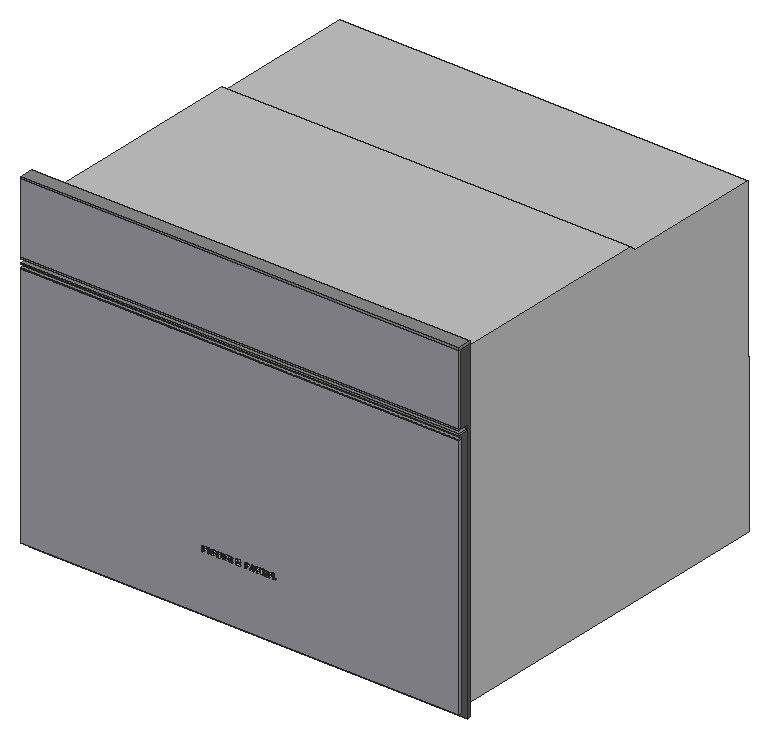
Revit family "FP-Revit20-en-OM60NMTNB1-OM60NMTNG1-Compact-MicrowaveOven-0-90003588A-AU-NZ-SG-IE-UK-CN", category Specialty Equipment, Revit 2020
Family settings
  Round Connector Dimension = Use Diameter
  Part Type = Normal
  OmniClass Number = 23.40.40.14.17.11
  OmniClass Title = Cookers, Ovens, Stoves
  Work Plane-Based = No
  Always vertical = Yes
  Cut with Voids When Loaded = Yes
  Shared = No
  Room Calculation Point = No
Parameters (values of type "OM60NMTNG1 (Grey Glass)")
  Visibility - Clearance Required = yes
  URL = "www.fisherpaykel.com"
  Product - Height = 458 mm  # constant formula
  Product - Width = 596 mm  # constant formula
  Product - Depth = 565 mm  # constant formula
  Door Opening - Height = 347 mm  # constant formula
  Model = "OM60NMTNG1"
  Material - Trim = Fisher & Paykel - Aluminium, Dark
  Material - Structure = Fisher & Paykel - Black
  Material - Glass = Fisher & Paykel - Glass, Grey
  Material - Body = Fisher & Paykel - Grey
  Manufacturer = "Fisher & Paykel Appliances"
  FFL Offset [instance] = 900 mm
  Description = "Combination Microwave Oven, 60cm, 22 Function"
  Default Elevation = 0 mm
  Connector Description - Electrical = "220-250V, 50Hz, 20A"
  Chassis - Width = 556 mm  # constant formula
  Chassis - Height = 435 mm  # constant formula
  Chassis - Depth = 545 mm  # constant formula
  Cavity - Width = 560 mm  # constant formula
  Cavity - Height = 440 mm  # constant formula
  Cavity - Depth = 550 mm  # constant formula
Types (2, lengths in mm): name | Model | Material - Glass | Connector Description - Electrical
  OM60NMTNB1 (Black Glass) | "OM60NMTNB1" | Fisher & Paykel - Glass, Black | "220-250V, 50Hz ,20A"
  OM60NMTNG1 (Grey Glass) | "OM60NMTNG1" | Fisher & Paykel - Glass, Grey | "220-250V, 50Hz, 20A"
Reference planes
  plane 1 "Datum": y = 0
  plane 2: z = -2
  plane 3 "Center (Left/Right)": x = 0
  plane 4 "Product - LHS": x = -298
  plane 5 "Product - RHS": x = 298
  plane 6 "Cavity - RHS": x = 280
  plane 7 "FFL Offset": z = 898
  plane 8 "Chassis - Depth": y = 545
  plane 9 "Front Face": y = -20
  plane 10 "Chassis - Height": z = 1333
  plane 11 "Cavity - Height": z = 1338
  plane 12 "Opening - Height": z = 1245
  plane 13 "Cavity - LHS": x = -280
  plane 14 "Cavity - Depth": y = 550
  plane 15 "Product - Height": z = 1356
  plane 16 "Opening - RHS": x = 300
  plane 17 "Opening - LHS": x = -300
  plane 18 "Chassis - LHS": x = -278
  plane 19 "Chassis RHS": x = 278
Forms (mm)
  Extrusion 1, solid, material "Fisher & Paykel - Grey" <- "Material - Body"
    sketch origin (0, 0, 0) x (0, 1, 0) y (0, 0, 1)
      loop
        line (0, 1333) -> (0, 898) -> (528, 898) -> (528, 948) -> (545, 968) -> (545, 1163) -> (498, 1218) -> (498, 1326) -> (305, 1326) -> (298, 1333) -> (0, 1333)
    from -278 to 278
  Extrusion 2, solid, material "Fisher & Paykel - Black" <- "Material - Structure", detail levels fine
    sketch origin (0, 0, 0) x (0, 1, 0) y (0, 0, 1)
      loop
        line (0, 1352.7) -> (-16, 1352.7) -> (-16, 1256) -> (-4, 1256) -> (-4, 898) -> (0, 898) -> (0, 1352.7)
    from -298 to 298
  Extrusion 3, solid, material "Fisher & Paykel - Glass, Grey" <- "Material - Glass", detail levels fine
    sketch origin (0, 0, -3) x (0, 1, 0) y (0, 0, 1)
      loop
        line (-20, 1246.4) -> (-20, 912.8) -> (-16, 912.8) -> (-16, 1246.4) -> (-20, 1246.4)
      loop
        line (-20, 1260.8) -> (-16, 1260.8) -> (-16, 1355.7) -> (-20, 1355.7) -> (-20, 1260.8)
    from -298 to 298
  Extrusion 4, solid, material "Fisher & Paykel - Clearance Required", visible <- "Visibility - Clearance Required", detail levels coarse
    sketch origin (0, 0, -2) x (1, 0, 0) y (0, 1, 0)
      loop
        line (-280, 0) -> (280, 0) -> (280, 550) -> (-280, 550) -> (-280, 0)
    from 900 to 1340
  Extrusion 5, void
    sketch origin (0, 0, 0) x (0, 1, 0) y (0, 0, 1)
      loop
        line (-20, 898) -> (0, 898) -> (0, 1245) -> (-20, 1245) -> (-20, 898)
    from -300 to 300
  Extrusion 6, solid, material "Fisher & Paykel - Grey" <- "Material - Body"
    sketch origin (0, 2, 0) x (0, 1, 0) y (0, 0, 1)
      loop
        line (496, 1293.999) -> (496, 1237) -> (517.999, 1237) -> (517.999, 1293.999) -> (496, 1293.999)
    from -221 to -127
  Extrusion 7, solid, material "Fisher & Paykel - Aluminium, Dark" <- "Material - Trim", detail levels fine
    sketch origin (0, 0, -1.199) x (0, 1, 0) y (0, 0, 1)
      loop
        line (-16, 1257.199) -> (-16, 1258.999) -> (-20, 1258.999) -> (-20, 1257.199) -> (-16, 1257.199)
      loop
        line (-16, 1244.599) -> (-16, 1246.199) -> (-20, 1246.199) -> (-20, 1244.599) -> (-16, 1244.599)
      loop
        line (-4, 1250.799) -> (-4, 1252.399) -> (-20, 1252.399) -> (-20, 1250.799) -> (-4, 1250.799)
      loop
        line (0, 1353.899) -> (0, 1357.199) -> (-20, 1357.199) -> (-20, 1353.899) -> (0, 1353.899)
    from -298 to 298
  Extrusion 8, void
    sketch origin (0, 0, -2) x (1, 0, 0) y (0, 1, 0)
      loop
        line (201.865, 545) -> (229, 498) -> (278, 498) -> (278, 545) -> (201.865, 545)
      loop
        line (-201.865, 545) -> (-278, 545) -> (-278, 498) -> (-229, 498) -> (-201.865, 545)
    from 900 to 1340
  Extrusion 9, solid, material "Fisher & Paykel - Grey" <- "Material - Body"
    sketch origin (0, 6.626, -14.403) x (0, 1, 0) y (0, 0, 1)
      loop
        circle (501.374, 1279.903) r 5
    from -271 to -221
  Extrusion 10, void
    sketch origin (0, 0, -2) x (1, 0, 0) y (0, 1, 0)
      loop
        line (-280, 0) -> (280, 0) -> (280, 550) -> (-280, 550) -> (-280, 0)
    from 900 to 1340
  Extrusion 11, solid, material "Fisher & Paykel - Glass, Grey" <- "Material - Glass", detail levels coarse+medium
    sketch origin (0, 0, 0) x (0, 1, 0) y (0, 0, 1)
      loop
        line (0, 1356) -> (-20, 1356) -> (-20, 1256) -> (-4, 1256) -> (-4, 1251.2) -> (-4, 1242.5) -> (-16, 1242.5) -> (-16, 1245) -> (-20, 1245) -> (-20, 909.8) -> (-4, 909.8) -> (-4, 898) -> (0, 898) -> (0, 1356)
    from -298 to 298
  Extrusion 12, solid, material "Fisher & Paykel - Black", detail levels fine
    sketch origin (0, 0, 0) x (0, 1, 0) y (0, 0, 1)
      loop
        line (-16, 1242.5) -> (-16, 909.8) -> (-4, 909.8) -> (-4, 1242.5) -> (-16, 1242.5)
    from -278 to 278
  Extrusion 13, solid, material "Fisher & Paykel - Clearance Required", visible <- "Visibility - Clearance Required", detail levels coarse
    sketch origin (0, 0, -15) x (0, 1, 0) y (0, 0, 1)
      loop
        line (-20, 927.07) -> (-20, 913) -> (0, 913) -> (0, 1260) -> (-20, 1260)
        arc (-20, 1260) -> (-242.697, 1184.786) -> (-349.951, 975.626) r 312.455
        line (-349.951, 975.626) -> (-20, 927.07)
    from -300 to 300
Cuts and joins
  Extrusion 8 cuts Extrusion 1
Text (mm)
  text "Due to ongoing product development, product details are subject to change without notice. \nPlease always refer to www.fisherpaykel.com for the most current product information. \n© Fisher & Paykel 2020" at (41.04, -613.295, 0), in view "Ref. Level (Plan)"
Dimensions and locks
  equal spacing: plane 4 "Product - LHS", plane 3 "Center (Left/Right)", plane 5 "Product - RHS"
  "Product - Width": plane 4 "Product - LHS" to plane 5 "Product - RHS"
  "FFL Offset": plane 7 "FFL Offset" to level
  locked: plane 9 "Front Face" to plane 1 "Datum" at 20
  "Cavity - Height": plane 11 "Cavity - Height" to plane 7 "FFL Offset"
  "Chassis - Height": plane 10 "Chassis - Height" to plane 7 "FFL Offset"
  "Cavity - Depth": plane 1 "Datum" to plane 14 "Cavity - Depth"
  "Cavity - Width": plane 13 "Cavity - LHS" to plane 6 "Cavity - RHS"
  Extrusion 5 to Extrusion 3 = 11.8 mm
  "Chassis - Depth": plane 1 "Datum" to plane 8 "Chassis - Depth"
  equal spacing: plane 13 "Cavity - LHS", plane 3 "Center (Left/Right)", plane 6 "Cavity - RHS"
  "Door Opening - Height": plane 7 "FFL Offset" to plane 12 "Opening - Height"
  "Product - Height": plane 7 "FFL Offset" to plane 15 "Product - Height"
  equal spacing: cut or joined group of Extrusion 1, Extrusion 8, plane 3 "Center (Left/Right)", cut or joined group of Extrusion 1, Extrusion 8
  "Chassis - Width": cut or joined group of Extrusion 1, Extrusion 8 to cut or joined group of Extrusion 1, Extrusion 8
  locked: nested 1 to plane 15 "Product - Height" at 366.018
  plane 8 "Chassis - Depth" to plane 9 "Front Face" = 565 mm
  aligned and locked: level to plane 2
  aligned and locked: plane 4 "Product - LHS" to Extrusion 3
  aligned and locked: Extrusion 3 to plane 5 "Product - RHS"
  aligned and locked: plane 4 "Product - LHS" to Extrusion 2
  aligned and locked: Extrusion 2 to plane 5 "Product - RHS"
  aligned and locked: Extrusion 1 to plane 7 "FFL Offset"
  aligned and locked: Extrusion 7 to plane 5 "Product - RHS"
  aligned and locked: Extrusion 7 to Extrusion 3
  aligned and locked: Extrusion 3 to Extrusion 5
  aligned and locked: Extrusion 3 to Extrusion 7
  aligned and locked: Extrusion 7 to plane 1 "Datum"
  aligned and locked: plane 9 "Front Face" to Extrusion 5
  aligned and locked: Extrusion 4 to plane 6 "Cavity - RHS"
  aligned and locked: Extrusion 9 to Extrusion 6
  aligned and locked: plane 11 "Cavity - Height" to Extrusion 4
  aligned and locked: Extrusion 5 to plane 12 "Opening - Height"
  aligned and locked: Extrusion 5 to Extrusion 2
  aligned and locked: Extrusion 7 to plane 15 "Product - Height"
  aligned and locked: Extrusion 7 to Extrusion 2
  aligned and locked: Extrusion 8 to Extrusion 1
  aligned and locked: Extrusion 4 to Extrusion 2
  aligned and locked: Extrusion 4 to Extrusion 8
  aligned and locked: Extrusion 4 to plane 7 "FFL Offset"
  aligned and locked: Extrusion 1 to Extrusion 8
  aligned and locked: Extrusion 11 sketch curve to plane 15 "Product - Height"
  aligned and locked: plane 11 "Cavity - Height" to Extrusion 10
  aligned and locked: Extrusion 2 to Extrusion 10
  aligned and locked: plane 10 "Chassis - Height" to Extrusion 1
  aligned and locked: Extrusion 3 to Extrusion 12
  aligned and locked: Extrusion 2 to Extrusion 3
Automatic sketch dimensions
  Extrusion 1 sketch curve to plane 1 "Datum" = 0 mm
  Extrusion 1 sketch curve to plane 10 "Chassis - Height" = 0 mm
  Extrusion 1 sketch curve to plane 7 "FFL Offset" = 0 mm
  Extrusion 1 sketch curve to plane 8 "Chassis - Depth" = 0 mm
  Extrusion 1 sketch curve to Extrusion 1 sketch curve = 7 mm
  Extrusion 1 sketch curve to plane 10 "Chassis - Height" = 7 mm
  plane 7 "FFL Offset" to Extrusion 1 sketch curve = 50 mm
  Extrusion 1 sketch curve to Extrusion 1 sketch curve = 20 mm
  Extrusion 1 sketch curve to Extrusion 1 sketch curve = 163 mm
  Extrusion 1 sketch curve to Extrusion 1 sketch curve = 55 mm
  Extrusion 2 sketch curve to plane 7 "FFL Offset" = 0 mm
  Extrusion 2 sketch curve to plane 1 "Datum" = 0 mm
  plane 1 "Datum" to Extrusion 2 sketch curve = 4 mm
  Extrusion 2 sketch curve to plane 9 "Front Face" = 4 mm
  Extrusion 2 sketch curve to plane 10 "Chassis - Height" = 77 mm
  plane 15 "Product - Height" to Extrusion 2 sketch curve = 3.3 mm
  Extrusion 3 sketch curve to plane 9 "Front Face" = 0 mm  (x2)
  Extrusion 3 sketch curve to Extrusion 3 sketch curve = 4 mm  (x2)
  plane 7 "FFL Offset" to Extrusion 3 sketch curve = 11.8 mm
  Extrusion 3 sketch curve to plane 10 "Chassis - Height" = 89.6 mm
  Extrusion 3 sketch curve to Extrusion 3 sketch curve = 14.4 mm
  plane 15 "Product - Height" to Extrusion 3 sketch curve = 3.3 mm
  Extrusion 4 sketch curve to plane 13 "Cavity - LHS" = 0 mm
  Extrusion 4 sketch curve to plane 6 "Cavity - RHS" = 0 mm
  plane 1 "Datum" to Extrusion 4 sketch curve = 0 mm
  Extrusion 4 sketch curve to plane 14 "Cavity - Depth" = 0 mm
  Extrusion 5 sketch curve to plane 9 "Front Face" = 0 mm
  Extrusion 5 sketch curve to plane 1 "Datum" = 0 mm
  Extrusion 5 sketch curve to plane 7 "FFL Offset" = 0 mm
  plane 12 "Opening - Height" to Extrusion 5 sketch curve = 0 mm
  Extrusion 6 sketch curve to Extrusion 6 sketch curve = 21.999 mm
  Extrusion 6 sketch curve to plane 10 "Chassis - Height" = 96 mm
  Extrusion 6 sketch curve to plane 10 "Chassis - Height" = 39.001 mm
  Extrusion 7 sketch curve to plane 9 "Front Face" = 0 mm  (x4)
  Extrusion 7 sketch curve to plane 1 "Datum" = 0 mm
  plane 15 "Product - Height" to Extrusion 7 sketch curve = 0 mm
  Extrusion 7 sketch curve to Extrusion 7 sketch curve = 4 mm  (x2)
  plane 1 "Datum" to Extrusion 7 sketch curve = 4 mm
  plane 15 "Product - Height" to Extrusion 7 sketch curve = 3.3 mm
  Extrusion 7 sketch curve to plane 10 "Chassis - Height" = 75.2 mm
  Extrusion 7 sketch curve to Extrusion 7 sketch curve = 1.8 mm
  Extrusion 7 sketch curve to Extrusion 7 sketch curve = 4.8 mm
  Extrusion 7 sketch curve to Extrusion 7 sketch curve = 1.6 mm  (x2)
  Extrusion 7 sketch curve to Extrusion 7 sketch curve = 4.6 mm
  Extrusion 8 sketch curve to plane 8 "Chassis - Depth" = 0 mm  (x2)
  Extrusion 8 sketch curve to plane 18 "Chassis - LHS" = 0 mm
  Extrusion 8 sketch curve to plane 19 "Chassis RHS" = 0 mm
  Extrusion 8 sketch curve to Extrusion 8 sketch curve = 49 mm  (x2)
  Extrusion 8 sketch curve to Extrusion 8 sketch curve = 27.135 mm
  Extrusion 8 sketch curve to Extrusion 8 sketch curve = 76.135 mm
  Extrusion 9 sketch curve to plane 10 "Chassis - Height" = 67.5 mm
  Extrusion 10 sketch curve to plane 13 "Cavity - LHS" = 0 mm
  Extrusion 10 sketch curve to plane 6 "Cavity - RHS" = 0 mm
  plane 1 "Datum" to Extrusion 10 sketch curve = 0 mm
  Extrusion 10 sketch curve to plane 14 "Cavity - Depth" = 0 mm
  Extrusion 11 sketch curve to plane 9 "Front Face" = 0 mm  (x2)
  Extrusion 11 sketch curve to plane 7 "FFL Offset" = 0 mm
  Extrusion 11 sketch curve to plane 1 "Datum" = 0 mm
  Extrusion 11 sketch curve to Extrusion 11 sketch curve = 4 mm
  plane 1 "Datum" to Extrusion 11 sketch curve = 4 mm  (x2)
  plane 7 "FFL Offset" to Extrusion 11 sketch curve = 11.8 mm
  Extrusion 11 sketch curve to plane 10 "Chassis - Height" = 90.5 mm
  Extrusion 11 sketch curve to Extrusion 11 sketch curve = 2.5 mm
  Extrusion 11 sketch curve to Extrusion 11 sketch curve = 8.7 mm
  Extrusion 11 sketch curve to Extrusion 11 sketch curve = 11 mm
  Extrusion 12 sketch curve to plane 9 "Front Face" = 4 mm
  plane 1 "Datum" to Extrusion 12 sketch curve = 4 mm
  plane 7 "FFL Offset" to Extrusion 12 sketch curve = 11.8 mm
  Extrusion 12 sketch curve to plane 10 "Chassis - Height" = 90.5 mm
  Extrusion 1 sketch curve to plane 8 "Chassis - Depth" = 247 mm
  Extrusion 1 sketch curve to plane 8 "Chassis - Depth" = 47 mm
  Extrusion 1 sketch curve to plane 8 "Chassis - Depth" = 17 mm
  Extrusion 6 sketch curve to plane 8 "Chassis - Depth" = 47 mm
  Extrusion 8 sketch curve to plane 8 "Chassis - Depth" = 47 mm  (x2)
  Extrusion 9 sketch curve to plane 8 "Chassis - Depth" = 37 mm
  Extrusion 13 sketch curve to plane 7 "FFL Offset" = 0 mm
  Extrusion 13 sketch curve to plane 9 "Front Face" = 0 mm  (x3)
  Extrusion 13 sketch curve to plane 1 "Datum" = 0 mm
  plane 12 "Opening - Height" to Extrusion 13 sketch curve = 0 mm  (x2)
  plane 9 "Front Face" to Extrusion 13 sketch curve = 18.71 mm
  plane 7 "FFL Offset" to Extrusion 13 sketch curve = 14.07 mm
  Extrusion 13 sketch curve to Extrusion 13 sketch curve = 21.035 mm
  plane 7 "FFL Offset" to Extrusion 13 sketch curve = 62.626 mm
  radius of Extrusion 9 sketch curve = 5 mm
Nested families
  nested 1: "F&P Logo 100mm" at (0.044, -20, 987.177), type "Grey"
Connectors
  electrical at (-174, 519.999, 1265.5)
    settings: on Extrusion 6, index 1, voltage 240 V, apparent load 0 VA, apparent load phase1 0 VA, apparent load phase2 0 VA, apparent load phase3 0 VA, power factor 1, load classification "Other", number of poles 1, system type 31, power factor state 1, is connector primary yes, connector utility no, sub classification motor no, connector description ""
Definition of nested family "F&P Logo 100mm"
  Parameters (values of type "Grey")
    URL = "www.fisherpaykel.com"
    Material - Logo = none
    Manufacturer = "Fisher & Paykel Appliances"
    Default Elevation = 0 mm
  Reference planes
    plane 1 "Center (Front/Back)": y = 0
    plane 2: z = 0
    plane 3 "Center (Left/Right)": x = 0
    plane 4 "Logo": z = 2.805
  Forms (mm)
    Extrusion 1, solid, material <- "Material - Logo", detail levels fine
      sketch origin (0, 0, 0) x (1, 0, 0) y (0, 0, 1)
        loop
          line (-50.044, 0) -> (-48.47, 0) -> (-48.47, 2.138) -> (-46.011, 2.138) -> (-46.011, 3.472) -> (-48.47, 3.472) -> (-48.47, 4.712) -> (-45.795, 4.712) -> (-45.795, 6.04) -> (-50.044, 6.04) -> (-50.044, 0)
        loop
          line (-42.804, 6.04) -> (-42.804, 0) -> (-41.23, 0) -> (-41.23, 6.04) -> (-42.804, 6.04)
        loop
          line (-30.724, 6.04) -> (-30.724, 0) -> (-29.151, 0) -> (-29.151, 2.42) -> (-26.839, 2.42) -> (-26.839, 0) -> (-25.265, 0) -> (-25.265, 6.04) -> (-26.839, 6.04) -> (-26.839, 3.748) -> (-29.151, 3.748) -> (-29.151, 6.04) -> (-30.724, 6.04)
        loop
          line (-21.906, 6.04) -> (-21.906, 0) -> (-17.602, 0) -> (-17.602, 1.328) -> (-20.347, 1.328) -> (-20.347, 2.42) -> (-17.838, 2.42) -> (-17.838, 3.748) -> (-20.347, 3.748) -> (-20.347, 4.712) -> (-17.602, 4.712) -> (-17.602, 6.04) -> (-21.906, 6.04)
        loop
          line (45.667, 6.04) -> (45.667, 0) -> (49.956, 0) -> (49.956, 1.328) -> (47.241, 1.328) -> (47.241, 6.04) -> (45.667, 6.04)
        loop
          line (42.431, 6.04) -> (38.112, 6.04) -> (38.112, 0) -> (42.431, 0) -> (42.431, 1.328) -> (39.687, 1.328) -> (39.687, 2.42) -> (42.195, 2.42) -> (42.195, 3.748) -> (39.687, 3.748) -> (39.687, 4.712) -> (42.431, 4.712) -> (42.431, 6.04)
        loop
          line (33.443, 3.137) -> (35.683, 6.04) -> (33.844, 6.04) -> (31.915, 3.542) -> (31.915, 6.04) -> (30.342, 6.04) -> (30.342, 0) -> (31.915, 0) -> (31.915, 2.705) -> (33.903, 0) -> (35.747, 0) -> (33.443, 3.137)
        loop
          line (21.98, 6.04) -> (24.262, 2.42) -> (24.262, 0) -> (25.837, 0) -> (25.837, 2.341) -> (28.119, 6.04) -> (26.446, 6.04) -> (25.099, 3.707) -> (23.753, 6.04) -> (21.98, 6.04)
        loop
          line (18.479, 6.04) -> (16.983, 6.04) -> (14.524, 0) -> (16.069, 0) -> (16.501, 1.112) -> (18.786, 1.112) -> (19.219, 0) -> (20.938, 0) -> (18.479, 6.04)
        loop
          line (18.4, 2.439) -> (17.693, 4.174) -> (17.018, 2.439) -> (18.4, 2.439)
        loop
          line (8.031, 6.04) -> (8.031, 0) -> (9.605, 0) -> (9.605, 1.938) -> (10.599, 1.938)
          arc (10.599, 1.938) -> (12.65, 3.989) -> (10.599, 6.04) r 2.051
          line (10.599, 6.04) -> (8.031, 6.04)
        loop
          line (9.605, 4.712) -> (9.605, 3.197) -> (10.501, 3.197)
          arc (10.501, 3.197) -> (11.259, 3.954) -> (10.501, 4.712) r 0.757
          line (10.501, 4.712) -> (9.605, 4.712)
        loop
          line (-11.783, 6.04) -> (-14.366, 6.04) -> (-14.366, 0) -> (-12.792, 0) -> (-12.792, 1.336) -> (-11.992, 1.336) -> (-10.972, 0) -> (-9.153, 0) -> (-10.694, 1.973)
          arc (-10.694, 1.973) -> (-9.678, 4.424) -> (-11.783, 6.04) r 2.179
        loop
          line (-11.897, 4.712) -> (-12.792, 4.712) -> (-12.792, 3.053) -> (-11.897, 3.053)
          arc (-11.897, 3.053) -> (-11.068, 3.882) -> (-11.897, 4.712) r 0.83
        loop
          line (0.477, 4.712) -> (0.477, 6.153) -> (-3.575, 6.153) -> (-3.575, 4.851) -> (-2.974, 4.112)
          arc (-2.974, 4.112) -> (-3.51, 0.684) -> (-0.045, 0.512) r 2.334
          line (-0.045, 0.512) -> (0.46, -0.109) -> (2.246, -0.109) -> (0.86, 1.594) -> (2.061, 3.324) -> (0.443, 3.324) -> (-0.013, 2.667) -> (-1.677, 4.712) -> (0.477, 4.712)
        loop
          arc (-2.125, 3.068) -> (-2.269, 1.668) -> (-0.868, 1.524) r 0.996
          line (-0.868, 1.524) -> (-2.125, 3.068)
        loop
          line (-35.18, 3.634) -> (-36.516, 3.91)
          arc (-36.516, 3.91) -> (-37.049, 4.443) -> (-36.516, 4.976) r 0.533
          arc (-36.516, 4.976) -> (-35.235, 4.79) -> (-34.059, 4.248) r 4.505
          line (-34.059, 4.248) -> (-34.059, 5.743)
          arc (-34.059, 5.743) -> (-35.549, 6.179) -> (-37.1, 6.109) r 4.726
          arc (-37.1, 6.109) -> (-38.536, 4.335) -> (-37.1, 2.561) r 1.814
          line (-37.1, 2.561) -> (-35.754, 2.282)
          arc (-35.754, 2.282) -> (-35.221, 1.749) -> (-35.754, 1.216) r 0.533
          arc (-35.754, 1.216) -> (-37.035, 1.402) -> (-38.211, 1.945) r 4.505
          line (-38.211, 1.945) -> (-38.211, 0.449)
          arc (-38.211, 0.449) -> (-36.72, 0.013) -> (-35.169, 0.083) r 4.726
          arc (-35.169, 0.083) -> (-33.734, 1.863) -> (-35.18, 3.634) r 1.814
      from 0 to 0.8
  Dimensions and locks
    aligned and locked: level to plane 2
